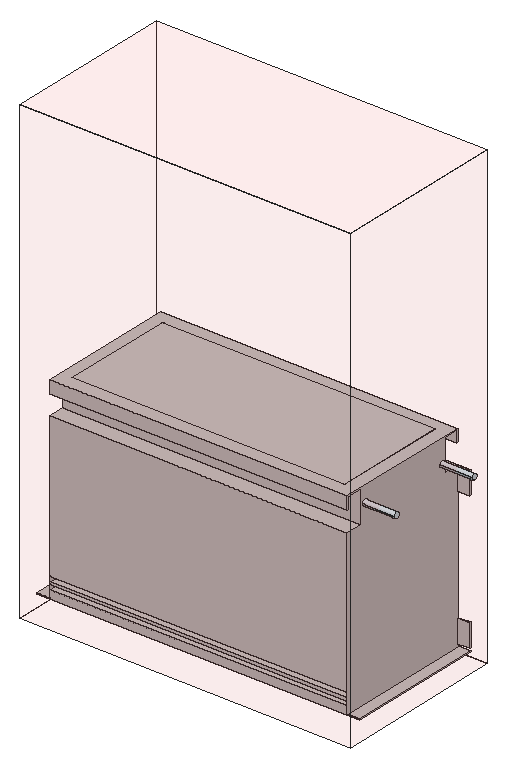
Revit family "Air-Curtain_Vestibule-Except_PoweredAire_ETA-HWST", category Mechanical Equipment, host Face, Revit 2022
Family settings
  Host = Face
  Round Connector Dimension = Use Diameter
  Part Type = Normal
  OmniClass Number = 23.75.35.17.21
  OmniClass Title = Air Curtains
  Cut with Voids When Loaded = No
  Maintain Annotation Orientation = No
  Shared = No
  Room Calculation Point = No
Parameters
  upperrotation [instance] = if(Upper Pipe Connection Side A, 0.00°, 180.00°)  # 0.00°
  lowerrotation [instance] = if(Lower Pipe Connection Side A, 0.00°, 180.00°)  # 0.00°
  locateupperpipe [instance] = if(Upper Pipe Connection Side A, 0' 0", Nozzle Width)  # 0' - 0"
  locatelowerpipe [instance] = if(Lower Pipe Connection Side A, 0' 0", Nozzle Width)  # 0' - 0"
  Warranty Duration (Years) = 0
  Upper Pipe Connection Side A [instance] = yes
  Unit Width Notes = "Other Widths available."  # constant formula
  Unit Width = 3' - 3"
  Unit Weight = 0
  Unit Height = 1' - 4 3/4"
  Unit Depth [instance] = if(Include Filters, 2' 1 7/8", 1' 11 3/4")  # 1' - 11 3/4"
  URL = "http://www.poweredaire.com/"
  Test Data = ""
  Standards Conformance = "as Specified"
  Specification = "http://www.arcat.com/sdspecs/htm04/23_34_33pai.htm"
  SpecWizard = ""
  Sound Pressure = "as Specified"
  Sales Information = "http://www.poweredaire.com/contact_us"
  Revision = "R1_2016-08"
  Projection from Host [instance] = 0' - 2"
  Product Properties = ""
  Product Data = "http://www.arcat.com/arcatcos/cos47/arc47623.html"
  Power Rating = 0 W
  Piping_Water Flow [instance] = 0 GPM
  Piping_Operating Pressure [instance] = 0.00 psi
  Piping_Exit Temperature [instance] = 0 °F
  Piping_Entry Temperature [instance] = 0 °F
  Pipe OD [instance] = 5/8"
  Nozzle Width = if(1 = 1, Unit Width - 0' 3", 0' 0")  # 3' - 0"
  Mounting Width = if(1 = 1, Unit Width - 0' 1 1/2", 0' 0")  # 3' - 1 1/2"
  Mounting Height [instance] = 3' - 6"
  Motor RPM = 0
  Motor HP = 0
  Motor Count = 0
  Model = "As Specified"
  Max Height = 0' - 0"
  Manufacturer Website = "http://www.poweredaire.com/"
  Manufacturer Phone - Toll Free = "888-321-2473"
  Manufacturer Phone = "724-588-3305"
  Manufacturer Fax = "724-588-3371"
  Manufacturer Address = "109 Mortensen Rd.  Greenville, PA 16125"
  Manufacturer = "Powered Aire, Inc"
  Maintenance Schedule (Months) = 0
  Lower Pipe Connection Side A [instance] = yes
  Keynote = "23 34 33"
  Installation-Fabrication = ""
  Installation Phase = ""
  Include Filters [instance] = no
  Include Clearance [instance] = yes
  Heating Element Load = 0 W
  HVAC_Temperature Rise = 0 °F
  HVAC_Outlet Volume = 0 CFM
  HVAC_Outlet Velocity Uniformity = 0
  HVAC_Outlet Velocity = 0 FPM
  HVAC_BTU Input = 0.0 Btu/h
  Green Building-LEED = "http://www.arcat.com/green/clients/leed_data_47623.html"
  Front Grating Material [instance] = Metal - Steel - PoweredAire - Stainless 304 Perforated
  Frame Finish [instance] = Metal - Steel - PoweredAire - Stainless 304
  Expected Lifespan (Years) = 0
  Electrical_Wattage [instance] = Power Rating + Heating Element Load  # 0 W
  Electrical_Voltage [instance] = 0 V
  Electrical_Phase [instance] = 1
  Electrical_Frequency [instance] = 0 Hz
  Electrical_Amperage [instance] = 0 A
  Drawn By = "Sumex Design, Inc. / Robert S. Weygant, CSI, CDT, SCIP"
  Description = "Powered Aire Air Curtain as Specified"
  Default Elevation = 0' - 0"  # constant formula
  Copyright = "©Arcat Inc."
  Construction Details = "http://www.arcat.com/details/powair/prod3336.html"
  Clearance_Top [instance] = 0' - 2"
  Clearance_Side B [instance] = 0' - 0 1/2"
  Clearance_Side A [instance] = 0' - 0 1/2"
  Clearance_Intake [instance] = 2' - 6"
  Clearance_Bottom [instance] = 0' - 2"
  Clearance Material [instance] = ARCAT Clearance
  Building Codes = ""
  Available Options [instance] = "as Specified"
  Assembly Code = "D3090400"
Reference planes (in)
  plane 1 "Center (Elevation)": y = 0.13818
  plane 2: z = 0
  plane 3 "Center (Left/Right)": x = 0
  plane 4: y = 8.51318
  plane 5: y = -8.23682
  plane 6: x = -19.5
  plane 7: x = 19.5
  plane 8: z = 25.75
  plane 9 "FF": y = -41.86182
  plane 10: z = 2
  plane 11: x = 18
  plane 12: x = -18
  plane 13: y = 10.51318
  plane 14: y = -10.23682
  plane 15: x = -20
  plane 16: x = 20
  plane 17: z = 55.75
  plane 18: x = 17.9375
  plane 19: x = -17.9375
  plane 20: x = 18
  plane 21: x = 18
  plane 22: y = 6.01318
  plane 23: y = -5.73682
Forms (in)
  Extrusion 1, solid, material "Metal - Steel - PoweredAire - Stainless 304" <- "Frame Finish"
    sketch origin (0, 0, 0) x (0, 1, 0) y (0, 0, 1)
      loop
        line (-8.23682, 2) -> (8.51318, 2) -> (8.51318, 21.8125) -> (6.51318, 21.8125) -> (6.51318, 25.625) -> (8.38818, 25.625) -> (8.38818, 24.25) -> (8.51318, 24.25) -> (8.51318, 25.75) -> (-8.23682, 25.75) -> (-8.23682, 24.25) -> (-8.11182, 24.25) -> (-8.11182, 25.625) -> (-6.23682, 25.625) -> (-6.23682, 21.8125) -> (-8.23682, 21.8125) -> (-8.23682, 2)
    from -18 to 18
  Extrusion 2, solid, material "ARCAT Clearance" <- "Clearance Material", visible <- "Include Clearance"
    sketch origin (0, 0, 0) x (0, 1, 0) y (0, 0, 1)
      loop
        line (-10.23682, 55.75) -> (-10.23682, 0) -> (10.51318, 0) -> (10.51318, 55.75) -> (-10.23682, 55.75)
    from -20 to 20
  Extrusion 3, solid, material "Metal - Steel - PoweredAire - Stainless 304" <- "Frame Finish"
    sketch origin (-15.17702, -180, 2) x (-1, 0, 0) y (0, -1, 0)
      loop
        line (-33.17702, -188.51318) -> (-33.17702, -171.76318) -> (-34.67702, -171.76318) -> (-34.67702, -188.51318) -> (-33.17702, -188.51318)
      loop
        line (2.82298, -188.51318) -> (4.32298, -188.51318) -> (4.32298, -171.76318) -> (2.82298, -171.76318) -> (2.82298, -188.51318)
    from 0 to 0.125
  Extrusion 4, solid, material "Metal - Steel - PoweredAire - Stainless 304" <- "Frame Finish"
    sketch origin (-11.83813, 8.51318, 48) x (-1, 0, 0) y (0, 0, 1)
      loop
        line (-29.83813, -45.5) -> (-29.83813, -42.75) -> (-31.33813, -42.75) -> (-31.33813, -45.5) -> (-29.83813, -45.5)
      loop
        line (-29.83813, -28.9375) -> (-29.83813, -26.1875) -> (-31.33813, -26.1875) -> (-31.33813, -28.9375) -> (-29.83813, -28.9375)
      loop
        line (6.16187, -45.5) -> (7.66187, -45.5) -> (7.66187, -42.75) -> (6.16187, -42.75) -> (6.16187, -45.5)
      loop
        line (6.16187, -28.9375) -> (7.66187, -28.9375) -> (7.66187, -26.1875) -> (6.16187, -26.1875) -> (6.16187, -28.9375)
    from 0 to -0.125
  Extrusion 5, void
    sketch origin (0, 0, 0) x (0, 1, 0) y (0, 0, 1)
      loop
        line (-8.23682, 3) -> (-7.23682, 3) -> (-7.23682, 4.5) -> (-8.23682, 4.5) -> (-8.23682, 3.82425) -> (-7.38364, 3.82425) -> (-7.38364, 3.57425) -> (-8.23682, 3.57425) -> (-8.23682, 3)
    from -17.9375 to 17.9375
  Extrusion 6, solid, material "Metal - Steel - PoweredAire - Stainless 304 Perforated" <- "Front Grating Material"
    sketch origin (0, -8.23682, 25.75) x (0, 1, 0) y (-1, 0, 0)
      loop
        line (15.25, 16.5) -> (1.5, 16.5) -> (1.5, -16.5) -> (15.25, -16.5) -> (15.25, 16.5)
    from 0 to 0.03125
  Sweep 7, solid
    path origin (18, 6.01318, 0) x (1, 0, 0) y (0, 1, 0)
      loop
        line (0, 0) -> (4, 0)
    profile origin (20, 6.01318, 0) x (0, 1, 0) y (0, 0, 1)
      loop
        circle (0, 23) r 0.3125
  Sweep 8, solid
    path origin (18, -5.73682, 0) x (1, 0, 0) y (0, 1, 0)
      loop
        line (0, 0) -> (4, 0)
    profile origin (20, -5.73682, 0) x (0, 1, 0) y (0, 0, 1)
      loop
        circle (0, 24) r 0.3125
Cuts and joins
  Extrusion 5 cuts Extrusion 1
Lines and regions (in)
  reference lines
    curve 1: line (18, 6.01318, 0) -> (22.75, 6.01318, 0)
    curve 2: line (18, -5.73682, 0) -> (23.75, -5.73682, 0)
Dimensions and locks (in)
  equal spacing: plane 4, plane 1 "Center (Elevation)", plane 5
  "Unit Height": plane 4 to plane 5
  equal spacing: plane 6, plane 3 "Center (Left/Right)", plane 7
  "Unit Width": plane 6 to plane 7
  "Mounting Height": plane 1 "Center (Elevation)" to plane 9 "FF"
  "Projection from Host": plane 10 to level
  "Unit Depth": plane 8 to plane 10
  locked: plane 6 to plane 12 at 1.5
  locked: plane 11 to plane 7 at 1.5
  "Clearance_Side A": plane 7 to plane 16
  "Clearance_Side B": plane 15 to plane 6
  "Clearance_Top": plane 13 to plane 4
  "Clearance_Bottom": plane 5 to plane 14
  "Clearance_Intake": plane 17 to plane 8
  plane 5 to Extrusion 1 sketch curve to Extrusion 1 sketch curve = 0' - 0 1/8" locked, 0' - 1 7/8" locked
  Extrusion 1 sketch curve to Extrusion 1 sketch curve to plane 4 = 0' - 1 7/8" locked, 0' - 0 1/8" locked
  Extrusion 4 sketch curve to Extrusion 4 sketch curve to Extrusion 4 sketch curve to Extrusion 4 sketch curve to plane 10 = 0' - 2 3/4" locked, 1' - 1 13/16" locked, 0' - 2 3/4" locked, 0' - 0 1/2" locked
  Extrusion 4 sketch curve to Extrusion 4 sketch curve to Extrusion 4 sketch curve to Extrusion 4 sketch curve = 0' - 2 3/4" locked, 1' - 1 13/16" locked, 0' - 2 3/4" locked
  locked: Extrusion 4 sketch curve to plane 10 at 0.5
  plane 8 to Extrusion 1 sketch curve to Extrusion 1 sketch curve = 0' - 0 1/8" locked, 0' - 1 3/8" locked  (x2)
  locked: Extrusion 1 sketch curve to plane 10 at 19.8125  (x2)
  Extrusion 5 sketch curve to Extrusion 5 sketch curve to Extrusion 5 sketch curve to Extrusion 5 sketch curve to plane 10 = 0' - 0.67575" locked, 0' - 0 1/4" locked, 0' - 0.57425" locked, 0' - 1" locked
  plane 5 to Extrusion 5 sketch curve to Extrusion 5 sketch curve = 0' - 0.85319" locked, 0' - 0.14681" locked
  locked: plane 19 to plane 12 at 0.0625
  locked: plane 11 to plane 18 at 0.0625
  locked: plane 4 to Extrusion 6 sketch curve at 1.5
  locked: Extrusion 6 sketch curve to plane 5 at 1.5
  locked: Extrusion 6 sketch curve to plane 11 at 1.5
  locked: plane 12 to Extrusion 6 sketch curve at 1.5
  "locateupperpipe": plane 20 to plane 11
  "locatelowerpipe": plane 21 to plane 11
  locked: plane 4 to plane 22 at 2.5
  locked: plane 23 to plane 5 at 2.5
  locked: curve 1 to Sweep 7 sketch curve at 4
  locked: curve 1 to Sweep 7 sketch curve
  locked: Sweep 7 sketch curve to plane 10 at 21
  locked: curve 2 to Sweep 8 sketch curve at 4
  locked: curve 2 to Sweep 8 sketch curve
  locked: Sweep 8 sketch curve to plane 10 at 22
  "upperrotation": angle plane 22 to curve 1
  "lowerrotation": angle plane 23 to curve 2
  aligned and locked: plane 2 to host face
  aligned and locked: level to host face
  aligned and locked: Extrusion 2 sketch curve to plane 17
  aligned and locked: plane 14 to Extrusion 2 sketch curve
  aligned and locked: level to Extrusion 2 sketch curve
  aligned and locked: Extrusion 2 sketch curve to plane 13
  aligned and locked: plane 16 to Extrusion 2
  aligned and locked: Extrusion 2 to plane 15
  aligned and locked: plane 11 to Extrusion 1
  aligned and locked: Extrusion 1 to plane 12
  aligned and locked: plane 21 to curve 2
  aligned and locked: plane 23 to curve 2
  aligned and locked: plane 22 to curve 1
  aligned and locked: plane 20 to curve 1
Automatic sketch dimensions
  host sketch curve to host sketch curve = 8' - 0"  (x2)
  Extrusion 1 sketch curve to plane 5 = 0' - 0"  (x2)
  Extrusion 1 sketch curve to plane 4 = 0' - 0"  (x2)
  Extrusion 1 sketch curve to plane 10 = 0' - 0"
  Extrusion 1 sketch curve to plane 8 = 0' - 0"
  plane 4 to Extrusion 3 sketch curve = 0' - 0"
  Extrusion 3 sketch curve to plane 7 = 0' - 0"
  plane 5 to Extrusion 3 sketch curve = 0' - 0"
  Extrusion 3 sketch curve to plane 11 = 0' - 0"
  Extrusion 3 sketch curve to plane 4 = 0' - 0"
  Extrusion 3 sketch curve to plane 12 = 0' - 0"
  Extrusion 3 sketch curve to plane 6 = 0' - 0"
  Extrusion 3 sketch curve to plane 5 = 0' - 0"
  Extrusion 4 sketch curve to plane 7 = 0' - 0"  (x2)
  Extrusion 4 sketch curve to plane 11 = 0' - 0"  (x2)
  Extrusion 4 sketch curve to plane 12 = 0' - 0"  (x2)
  Extrusion 4 sketch curve to plane 6 = 0' - 0"  (x2)
  Extrusion 5 sketch curve to plane 5 = 0' - 0"  (x2)
  Sweep 7 sketch curve to profile plane = 0' - 0"
  Sweep 8 sketch curve to profile plane = 0' - 0"
  radius of Sweep 7 sketch curve = 0' - 0 5/16"
  radius of Sweep 8 sketch curve = 0' - 0 5/16"
Connectors (in)
  piping at (22, 6.01318, 23), diameter 0.625, driven by "Pipe OD", driven by "Piping_Water Flow"
    settings: on Sweep 7, index 1, connector inside diameter 24", connector length 0' - 0", flow factor 0, pipe flow 0 GPM, pressure drop 0.00 psi, fitting loss kfactor 0, connector angle 0.00°, fixture units 0, engagement length 0' - 0", angle of deflection 0.00°, flow configuration 0, flow direction 0, fitting loss method 0, system type 29, joint type 0, gender type 0, connector reference index -1, connector utility 0, adjustable connector no, is connector primary yes, connector description "Define Supply or Return and Location"
  piping at (22, -5.73682, 24), diameter 0.625, driven by "Pipe OD", driven by "Piping_Water Flow"
    settings: on Sweep 8, index 2, connector inside diameter 24", connector length 0' - 0", flow factor 0, pipe flow 0 GPM, pressure drop 0.00 psi, fitting loss kfactor 0, connector angle 0.00°, fixture units 0, engagement length 0' - 0", angle of deflection 0.00°, flow configuration 0, flow direction 0, fitting loss method 0, system type 29, joint type 0, gender type 0, connector reference index -1, connector utility 0, adjustable connector no, is connector primary no, connector description "Define Supply or Return and Location"
  electrical at (-18, 0.13818, 21.39062), driven by "Electrical_Voltage", driven by "Electrical_Phase"
    settings: on cut or joined group of Extrusion 1, Extrusion 5, index 3, voltage 0 V, apparent load 0 VA, apparent load phase1 0 VA, apparent load phase2 0 VA, apparent load phase3 0 VA, power factor 1, load classification "Motor", number of poles 1, system type 31, power factor state 1, is connector primary yes, connector utility no, sub classification motor no, connector description ""
